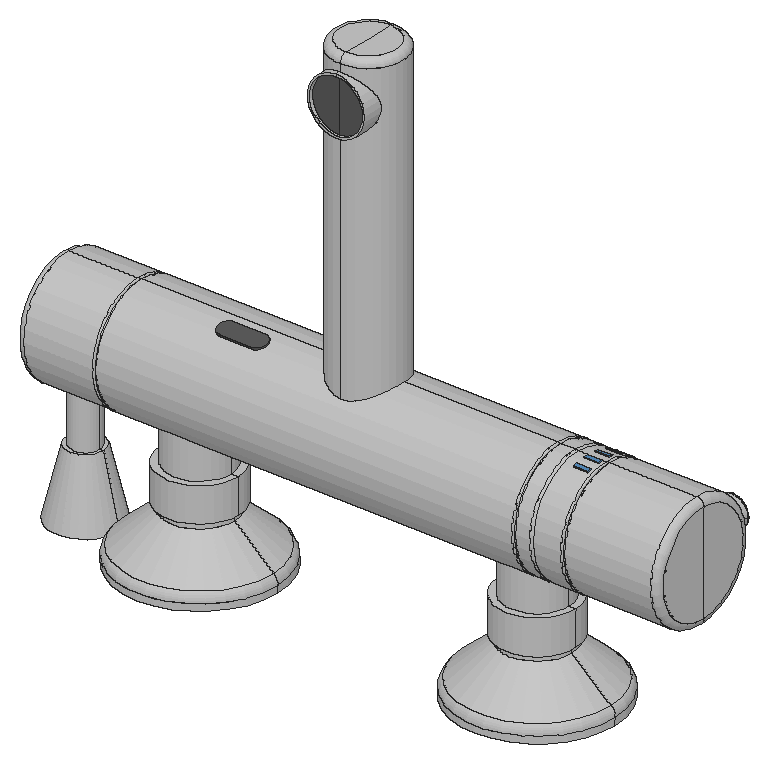
Revit family "Plumbing-Fix_Faucet-Touchless_Stern_Medical-T", category Plumbing Fixtures, host Face, Revit 2023
Family settings
  Host = Face
  Round Connector Dimension = Use Diameter
  Part Type = Normal
  OmniClass Number = 23.45.55.14
  OmniClass Title = Single Faucets
  Enable Cutting in Views = No
  Cut with Voids When Loaded = No
  Maintain Annotation Orientation = No
  Shared = No
  Room Calculation Point = No
Parameters (values of type "1.58 GPM")
  Water Temperature Ring Color [instance] = Finish - Stern - Cold Water
  Waste Connection = no
  Warranty Duration (Years) = 2
  WFU = 0
  Vent Connection = no
  Unit Width = 0' - 11 1/2"
  Unit Height = 0' - 9 1/4"
  URL = "http://www.sternfaucets.com/"
  Type Comments = "as Specified"
  Standards Conformance = "as Specified"
  Spout Reach = 0' - 8 1/2"
  Spout Height = 0' - 0"
  Specification = ""
  SpecWizard = ""
  Sales Information = "http://www.sternfaucets.com/contact-us/contact-us-int-l.html"
  Revision = "R1_2018-04"
  Product Properties = ""
  Product Features = "as Specified"
  Product Data = "http://www.arcat.com/arcatcos/cos50/arc50092.html"
  Power Supply = "9V Transformer"
  Piping_Inlet Diameter = 3/4"
  Piping_Flow = 1.58 GPM
  Operating Temperature Range = "Up to 149 F / 65 C"
  Operating Pressure Range = "7.26 - 116 PSI  ;  0.5 - 8 bar"
  Model = "Medical 1000 TE"
  Manufacturer Website = "http://www.sternfaucets.com/"
  Manufacturer Phone - Toll Free = "800-436-4410"
  Manufacturer Phone = ""
  Manufacturer Fax = ""
  Manufacturer Address = "777 Passaic Ave.  Clifton, NJ 07012"
  Manufacturer = "Stern Engineering"
  Maintenance Schedule (Months) = 0
  Keynote = "22 40 00"
  Installation Phase = ""
  HWFU = 1
  HW Connection = yes
  Green Building-LEED = ""
  Fixture Finish [instance] = Finish - Stern - Chrome
  Expected Lifespan (Years) = 0
  Drawn By = "Sumex Design, Inc. / Robert S. Weygant, CSI, CDT, SCIP"
  Description = "Stern Touchless Wall Mounted Medical Mixing Faucet - Medical 1000 TE as Specified"
  Default Elevation = 0' - 0"
  Cost = 0
  Copyright = "©Arcat Inc."
  Construction Details = ""
  CWFU = 1
  CW Connection = yes
  Body Construction = "Brass"
  Available Options = "as Specified"
  Assembly Code = "D2010300"
  Accent Color [instance] = Finish - Stern - Black
Types (5): name | Piping_Flow
  1.58 GPM | 1.58 GPM
  1 GPM | 1 GPM
  0.8 GPM | 0.8 GPM
  0.5 GPM | 0.5 GPM
  0.35 GPM | 0.35 GPM
Reference planes (in)
  plane 1 "Center (Front/Back)": y = 0
  plane 2: z = 0
  plane 3 "Center (Left/Right)": x = 0
  plane 4: x = -2.95312
  plane 5: x = 2.95313
  plane 6: x = -4.95312
  plane 7: z = 8.5
Forms (in)
  Extrusion 1, void
    sketch origin (0, 0, 0) x (1, 0, 0) y (0, 1, 0)
      loop
        circle (-3.01562, 0) r 0.625
      loop
        circle (2.9892, 0) r 0.625
    from 0 to -1.44157
  Revolve 2, solid, material "Finish - Stern - Chrome" <- "Fixture Finish"
    sketch origin (0, 0, 0) x (1, 0, 0) y (0, 0, 1)
      loop
        line (-2.95312, 0) -> (-2.95312, 3.08747) -> (-3.51027, 3.08747) -> (-3.51027, 1.58747) -> (-3.63587, 1.58747) -> (-3.63587, 0.98458) -> (-3.56364, 0.98458) -> (-3.56364, 0.87087) -> (-4.2464, 0.27736)
        arc (-4.2464, 0.27736) -> (-4.29951, 0.20623) -> (-4.31835, 0.11948) r 0.20919
        line (-4.31835, 0.11948) -> (-4.31835, 0) -> (-2.95312, 0)
      axis (-2.95312, 0) -> (-2.95312, 3.08747)
    angle from 0 to 360
  Revolve 3, solid, material "Finish - Stern - Chrome" <- "Fixture Finish"
    sketch origin (5.90625, 0, 0) x (1, 0, 0) y (0, 0, 1)
      loop
        line (-2.95312, 0) -> (-2.95312, 3.08747) -> (-3.51027, 3.08747) -> (-3.51027, 1.58747) -> (-3.63587, 1.58747) -> (-3.63587, 0.98458) -> (-3.56364, 0.98458) -> (-3.56364, 0.87087) -> (-4.2464, 0.27736)
        arc (-4.2464, 0.27736) -> (-4.29951, 0.20623) -> (-4.31835, 0.11948) r 0.20919
        line (-4.31835, 0.11948) -> (-4.31835, 0) -> (-2.95312, 0)
      axis (-2.95312, 0) -> (-2.95312, 3.08747)
    angle from 0 to 360
  Revolve 4, solid, material "Finish - Stern - Chrome" <- "Fixture Finish"
    sketch origin (-0.54552, 0, -7.57632) x (0, 0, 1) y (-1, 0, 0)
      loop
        line (7.57632, 4.4076) -> (10.68539, 4.4076) -> (10.68539, 4.65748) -> (8.73971, 4.65748) -> (8.73971, 4.72544) -> (7.57632, 5.01551) -> (7.57632, 4.4076)
      axis (7.57632, 4.4076) -> (10.68539, 4.4076)
    angle from 0 to 360
  Revolve 5, solid, material "Finish - Stern - Chrome" <- "Fixture Finish"
    sketch origin (0, 0, 0) x (1, 0, 0) y (0, 0, 1)
      loop
        line (-5.36188, 3.08747) -> (5.86448, 3.08747) -> (5.86448, 3.96247)
        arc (5.86448, 3.96247) -> (5.82787, 4.05086) -> (5.73948, 4.08747) r 0.125
        line (5.73948, 4.08747) -> (4.23195, 4.08747)
        arc (4.23195, 4.08747) -> (4.20985, 4.07832) -> (4.2007, 4.05622) r 0.03125
        arc (4.2007, 4.05622) -> (4.19154, 4.07832) -> (4.16945, 4.08747) r 0.03125
        line (4.16945, 4.08747) -> (3.68898, 4.08747) -> (3.68898, 4.02163)
        arc (3.68898, 4.02163) -> (3.66969, 4.06819) -> (3.62314, 4.08747) r 0.06584
        line (3.62314, 4.08747) -> (3.37314, 4.08747)
        arc (3.37314, 4.08747) -> (3.35104, 4.07832) -> (3.34189, 4.05622) r 0.03125
        arc (3.34189, 4.05622) -> (3.33274, 4.07832) -> (3.31064, 4.08747) r 0.03125
        line (3.31064, 4.08747) -> (-3.96793, 4.08747)
        arc (-3.96793, 4.08747) -> (-3.99003, 4.07832) -> (-3.99918, 4.05622) r 0.03125
        arc (-3.99918, 4.05622) -> (-4.00834, 4.07832) -> (-4.03043, 4.08747) r 0.03125
        line (-4.03043, 4.08747) -> (-5.23688, 4.08747)
        arc (-5.23688, 4.08747) -> (-5.32527, 4.05086) -> (-5.36188, 3.96247) r 0.125
        line (-5.36188, 3.96247) -> (-5.36188, 3.08747)
      axis (5.86448, 3.08747) -> (-5.36188, 3.08747)
    angle from 0 to 360
  Revolve 6, solid, material "Finish - Stern - Chrome" <- "Fixture Finish"
    sketch origin (0, -3.14997, 3.08747) x (1, 0, 0) y (0, 1, 0)
      loop
        line (5.26973, 3.87144) -> (5.26973, 4.54261) -> (5.02001, 4.54261)
        arc (5.02001, 4.54261) -> (4.99791, 4.53346) -> (4.98876, 4.51136) r 0.03125
        line (4.98876, 4.51136) -> (4.98876, 3.87144) -> (5.26973, 3.87144)
      axis (5.26973, 4.54261) -> (5.26973, 3.87144)
    angle from 0 to 360
  Extrusion 7, solid, material "Finish - Stern - Cold Water" <- "Water Temperature Ring Color"
    sketch origin (0, -2.87716, 2.20772) x (1, 0, 0) y (0, 0.965926, 0.258819)
      loop
        line (3.85087, 3.01583) -> (3.85087, 2.94147) -> (4.10087, 2.94147) -> (4.10087, 3.01583) -> (3.85087, 3.01583)
    from 0 to 1.11157
  Extrusion 8, solid, material "Finish - Stern - Cold Water" <- "Water Temperature Ring Color"
    sketch origin (0, -2.97457, 2.82276) x (1, 0, 0) y (0, 0.99863, 0.052336)
      loop
        line (3.85087, 3.01583) -> (3.85087, 2.94147) -> (4.10087, 2.94147) -> (4.10087, 3.01583) -> (3.85087, 3.01583)
    from 0 to 1.11157
  Extrusion 9, solid, material "Finish - Stern - Cold Water" <- "Water Temperature Ring Color"
    sketch origin (0, -2.94198, 3.44462) x (1, 0, 0) y (0, 0.987688, -0.156434)
      loop
        line (3.85087, 3.01583) -> (3.85087, 2.94147) -> (4.10087, 2.94147) -> (4.10087, 3.01583) -> (3.85087, 3.01583)
    from 0 to 1.11157
  Extrusion 10, solid, material "Finish - Stern - Cold Water" <- "Water Temperature Ring Color"
    sketch origin (0, -2.76176, 4.09447) x (1, 0, 0) y (0, 0.927184, -0.374607)
      loop
        line (3.85087, 3.01583) -> (3.85087, 2.94147) -> (4.10087, 2.94147) -> (4.10087, 3.01583) -> (3.85087, 3.01583)
    from 0 to 1.10437
  Extrusion 11, solid, material "Finish - Stern - Cold Water" <- "Water Temperature Ring Color"
    sketch origin (0, -2.46941, 4.64429) x (1, 0, 0) y (0, 0.829038, -0.559193)
      loop
        line (3.85087, 3.01583) -> (3.85087, 2.94147) -> (4.10087, 2.94147) -> (4.10087, 3.01583) -> (3.85087, 3.01583)
    from 0 to 1.09418
  Extrusion 12, solid, material "Finish - Stern - Cold Water" <- "Water Temperature Ring Color"
    sketch origin (0, -2.03144, 5.1571) x (1, 0, 0) y (0, 0.681998, -0.731354)
      loop
        line (3.85087, 3.01583) -> (3.85087, 2.94147) -> (4.10087, 2.94147) -> (4.10087, 3.01583) -> (3.85087, 3.01583)
    from 0 to 1.07702
  Extrusion 13, solid, material "Finish - Stern - Black" <- "Accent Color"
    sketch origin (0, -2.3129, 1.89917) x (1, 0, 0) y (0, 0.965926, 0.258819)
      loop
        arc (-2.24227, 2.65802) -> (-2.39477, 2.50552) -> (-2.24227, 2.35302) r 0.1525
        line (-2.24227, 2.35302) -> (-1.68891, 2.35302)
        arc (-1.68891, 2.35302) -> (-1.53641, 2.50552) -> (-1.68891, 2.65802) r 0.1525
        line (-1.68891, 2.65802) -> (-2.24227, 2.65802)
    from 1.37077 to 1.55347
  Revolve 14, solid, material "Finish - Stern - Chrome" <- "Fixture Finish"
    sketch origin (0, 0, 0) x (0, 1, 0) y (0, 0, 1)
      loop
        line (-0.61169, 3.02949) -> (0, 3.02949) -> (0, 9.25) -> (-0.48669, 9.25)
        arc (-0.48669, 9.25) -> (-0.57508, 9.21339) -> (-0.61169, 9.125) r 0.125
        line (-0.61169, 9.125) -> (-0.61169, 3.02949)
      axis (0, 9.25) -> (0, 3.02949)
    angle from 0 to 360
  Revolve 15, solid, material "Finish - Stern - Chrome" <- "Fixture Finish"
    sketch origin (0, 0, -0.09178) x (0, 1, 0) y (0, 0, 1)
      loop
        line (-0.70428, 9.09178) -> (-0.70428, 9.05726) -> (-0.65192, 9.05726) -> (-0.65192, 8.59178) -> (0, 8.59178) -> (0, 9.09178) -> (-0.70428, 9.09178)
      axis (0, 8.59178) -> (-0.70428, 8.59178)
    angle from 0 to 360
Cuts and joins
  joined: Revolve 5, Revolve 6
Dimensions and locks (in)
  equal spacing: plane 5, plane 3 "Center (Left/Right)", plane 4
  locked: plane 5 to plane 4 at 5.90625
  locked: plane 4 to plane 6 at 2
  aligned and locked: plane 2 to host face
  aligned and locked: level to host face
Automatic sketch dimensions
  host sketch curve to host sketch curve = 8' - 0"  (x2)
  plane 1 "Center (Front/Back)" to Extrusion 1 sketch curve = 0' - 0"  (x2)
  Extrusion 1 sketch curve to plane 4 = 0' - 0 1/16"
  plane 5 to Extrusion 1 sketch curve = 0' - 0.03608"
  Revolve 2 sketch curve to level = 0' - 0"
  Revolve 2 sketch curve to plane 4 = 0' - 0"  (x2)
  Revolve 2 sketch curve to Revolve 2 sketch curve = 0' - 0.55714"
  Revolve 2 sketch curve to Revolve 2 sketch curve = 0' - 0.05337"
  Revolve 2 sketch curve to Revolve 2 sketch curve = 0' - 0.07223"
  level to Revolve 2 sketch curve = 0' - 0.11948"
  Revolve 2 sketch curve to plane 6 = 0' - 0.84397"
  level to Revolve 2 sketch curve = 0' - 0 71/256"
  Revolve 2 sketch curve to Revolve 2 sketch curve = 0' - 0.13724"
  level to Revolve 2 sketch curve = 0' - 0.87087"
  Revolve 2 sketch curve to Revolve 2 sketch curve = 0' - 0.1137"
  Revolve 2 sketch curve to Revolve 2 sketch curve = 0' - 0.6029"
  Revolve 2 sketch curve to Revolve 2 sketch curve = 0' - 1 1/2"
  Revolve 2 sketch curve to level = 0' - 0.36227"
  Revolve 2 sketch curve to Revolve 2 sketch curve = 0' - 0.15456"
  Revolve 3 sketch curve to level = 0' - 0"
  Revolve 3 sketch curve to plane 5 = 0' - 0"  (x2)
  Revolve 3 sketch curve to Revolve 3 sketch curve = 0' - 0.55714"
  Revolve 3 sketch curve to Revolve 3 sketch curve = 0' - 0.05337"
  Revolve 3 sketch curve to Revolve 3 sketch curve = 0' - 0.07223"
  level to Revolve 3 sketch curve = 0' - 0.11948"
  Revolve 3 sketch curve to Revolve 3 sketch curve = 0' - 0.54552"
  level to Revolve 3 sketch curve = 0' - 0 71/256"
  Revolve 3 sketch curve to Revolve 3 sketch curve = 0' - 0.13724"
  level to Revolve 3 sketch curve = 0' - 0.87087"
  Revolve 3 sketch curve to Revolve 3 sketch curve = 0' - 0.1137"
  Revolve 3 sketch curve to Revolve 3 sketch curve = 0' - 0.6029"
  Revolve 3 sketch curve to Revolve 3 sketch curve = 0' - 1 1/2"
  Revolve 3 sketch curve to level = 0' - 0.36227"
  Revolve 3 sketch curve to Revolve 3 sketch curve = 0' - 0.15456"
  plane 6 to Revolve 4 sketch curve = 0' - 0"  (x2)
  Revolve 4 sketch curve to level = 0' - 0"
  plane 6 to Revolve 4 sketch curve = 0' - 0.31784"
  level to Revolve 4 sketch curve = 0' - 1.16339"
  Revolve 4 sketch curve to Revolve 4 sketch curve = 0' - 1.94568"
  plane 6 to Revolve 4 sketch curve = 0' - 0.24988"
  plane 6 to Revolve 4 sketch curve = 0' - 0.60791"
  Revolve 4 sketch curve to Revolve 4 sketch curve = 0' - 0.05286"
  Revolve 4 sketch curve to Revolve 4 sketch curve = 0' - 0.08199"
  plane 6 to Revolve 5 sketch curve = 0' - 0.40875"
  Revolve 5 sketch curve to Revolve 5 sketch curve = 0' - 0 1/8"  (x2)
  Revolve 5 sketch curve to plane 6 = 0' - 0.92269"
  Revolve 5 sketch curve to Revolve 5 sketch curve = 0' - 0 1/16"  (x3)
  plane 5 to Revolve 5 sketch curve = 0' - 0.35751"
  Revolve 5 sketch curve to Revolve 5 sketch curve = 0' - 0 1/4"
  Revolve 5 sketch curve to Revolve 5 sketch curve = 0' - 0.06584"  (x2)
  Revolve 5 sketch curve to Revolve 5 sketch curve = 0' - 0 123/256"
  Revolve 5 sketch curve to Revolve 5 sketch curve = 0' - 1.50753"
  level to Revolve 5 sketch curve = 0' - 3.08747"
  Revolve 5 sketch curve to Revolve 5 sketch curve = 0' - 0 7/8"  (x2)
  Revolve 5 sketch curve to Revolve 5 sketch curve = 0' - 0 1/32"  (x5)
  Revolve 5 sketch curve to Revolve 5 sketch curve = 0' - 0"  (x4)
  Revolve 5 sketch curve to Revolve 5 sketch curve = 0' - 2.37785"
  Revolve 5 sketch curve to Revolve 5 sketch curve = 0' - 1.14579"
  plane 5 to Revolve 6 sketch curve = 0' - 2.03564"
  Revolve 6 sketch curve to Revolve 6 sketch curve = 0' - 0 1/32"
  Revolve 6 sketch curve to Revolve 6 sketch curve = 0' - 0.24972"
  Revolve 6 sketch curve to plane 1 "Center (Front/Back)" = 0' - 0.72147"
  Revolve 6 sketch curve to Revolve 6 sketch curve = 0' - 0.63992"
  Revolve 6 sketch curve to Revolve 6 sketch curve = 0' - 0"
  Revolve 6 sketch curve to Revolve 6 sketch curve = 0' - 0.14592"
  Revolve 6 sketch curve to Revolve 6 sketch curve = 0' - 0.06709"
  plane 5 to Extrusion 7 sketch curve = 0' - 0.89774"
  Extrusion 7 sketch curve to Extrusion 7 sketch curve = 0' - 0 1/4"
  Extrusion 7 sketch curve to Extrusion 7 sketch curve = 0' - 0.07436"
  plane 5 to Extrusion 8 sketch curve = 0' - 0.89774"
  Extrusion 8 sketch curve to Extrusion 8 sketch curve = 0' - 0 1/4"
  Extrusion 8 sketch curve to Extrusion 8 sketch curve = 0' - 0.07436"
  plane 5 to Extrusion 9 sketch curve = 0' - 0.89774"
  Extrusion 9 sketch curve to Extrusion 9 sketch curve = 0' - 0 1/4"
  Extrusion 9 sketch curve to Extrusion 9 sketch curve = 0' - 0.07436"
  plane 5 to Extrusion 10 sketch curve = 0' - 0.89774"
  Extrusion 10 sketch curve to Extrusion 10 sketch curve = 0' - 0 1/4"
  Extrusion 10 sketch curve to Extrusion 10 sketch curve = 0' - 0.07436"
  plane 5 to Extrusion 11 sketch curve = 0' - 0.89774"
  Extrusion 11 sketch curve to Extrusion 11 sketch curve = 0' - 0 1/4"
  Extrusion 11 sketch curve to Extrusion 11 sketch curve = 0' - 0.07436"
  plane 5 to Extrusion 12 sketch curve = 0' - 0.89774"
  Extrusion 12 sketch curve to Extrusion 12 sketch curve = 0' - 0 1/4"
  Extrusion 12 sketch curve to Extrusion 12 sketch curve = 0' - 0.07436"
  plane 4 to Extrusion 13 sketch curve = 0' - 0.71086"
  Extrusion 13 sketch curve to Extrusion 13 sketch curve = 0' - 0.55336"
  Extrusion 13 sketch curve to Extrusion 13 sketch curve = 0' - 0.1525"
  Extrusion 13 sketch curve to Extrusion 13 sketch curve = 0' - 0"
  Revolve 15 sketch curve to plane 1 "Center (Front/Back)" = 0' - 0"
  plane 1 "Center (Front/Back)" to Revolve 15 sketch curve = 0' - 0.65192"
  Revolve 15 sketch curve to Revolve 15 sketch curve = 0' - 0.05237"
  level to Revolve 15 sketch curve = 0' - 8 1/2"
  Revolve 15 sketch curve to Revolve 15 sketch curve = 0' - 0.46549"  (x2)
  Revolve 15 sketch curve to Revolve 15 sketch curve = 0' - 1.75111"
  Revolve 15 sketch curve to Revolve 15 sketch curve = 0' - 0.03451"
  Revolve 15 sketch curve to Revolve 15 sketch curve = 0' - 0.84698"
  Revolve 14 sketch curve to plane 1 "Center (Front/Back)" = 0' - 0"  (x2)
  plane 1 "Center (Front/Back)" to Revolve 14 sketch curve = 0' - 0.48669"
  Revolve 14 sketch curve to Revolve 14 sketch curve = 0' - 0 1/8"
  level to Revolve 14 sketch curve = 0' - 3.02949"
  Revolve 14 sketch curve to plane 7 = 0' - 0 5/8"
  Revolve 14 sketch curve to Revolve 14 sketch curve = 0' - 0.87617"
  Revolve 14 sketch curve to Revolve 14 sketch curve = 0' - 0.30787"
  radius of Extrusion 1 sketch curve = 0' - 0 5/8"  (x2)
Connectors (in)
  electrical at (-4.95312, 0, 0)
    settings: on Revolve 4, index 1, voltage 0 V, apparent load 0 VA, apparent load phase1 0 VA, apparent load phase2 0 VA, apparent load phase3 0 VA, power factor 1, load classification "Other", number of poles 1, system type 13, power factor state 1, is connector primary yes, connector utility no, sub classification motor no, connector description ""
  piping at (-2.95312, 0, 0), diameter 0.75, driven by "Piping_Flow", driven by "Piping_Inlet Diameter"
    settings: on Revolve 2, index 2, connector inside diameter 24", connector length 0' - 0", flow factor 0, pipe flow 1.58 GPM, pressure drop 0.00 psi, fitting loss kfactor 0, connector angle 0.00°, fixture units 0, engagement length 0' - 0", angle of deflection 0.00°, flow configuration 0, flow direction 1, fitting loss method 0, system type 19, joint type 0, gender type 0, connector reference index -1, connector utility 0, adjustable connector no, is connector primary yes, connector description "HW Inlet"
  piping at (2.95313, 0, 0), diameter 0.75, driven by "Piping_Flow", driven by "Piping_Inlet Diameter"
    settings: on Revolve 3, index 3, connector inside diameter 24", connector length 0' - 0", flow factor 0, pipe flow 1.58 GPM, pressure drop 0.00 psi, fitting loss kfactor 0, connector angle 0.00°, fixture units 0, engagement length 0' - 0", angle of deflection 0.00°, flow configuration 0, flow direction 1, fitting loss method 0, system type 20, joint type 0, gender type 0, connector reference index -1, connector utility 0, adjustable connector no, is connector primary no, connector description "CW Inlet"
